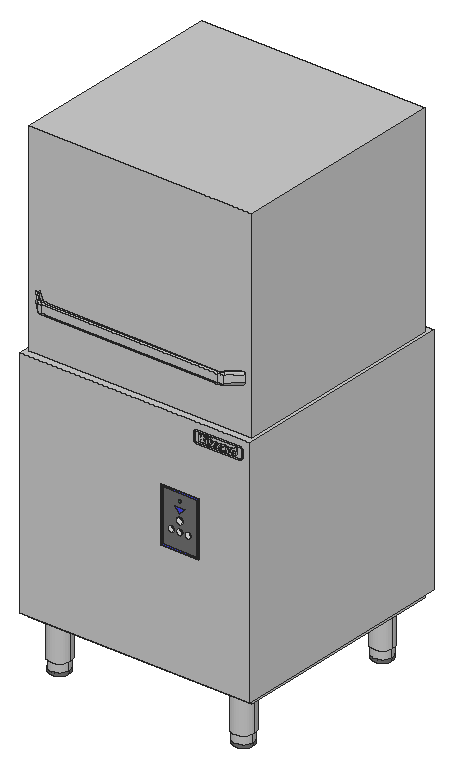
Revit family "QF_BLIZZARD_STORM100BTDP", category Specialty Equipment, Revit 2016
Family settings
  Part Type = Normal
  Round Connector Dimension = Use Diameter
  OmniClass Number = 23.40.40.14.31
  OmniClass Title = Cleaning and Disposal Equipment
  Work Plane-Based = No
  Always vertical = Yes
  Cut with Voids When Loaded = No
  Shared = No
  Room Calculation Point = No
Parameters (values of type "STORM100BTDP")
  URL = "www.blizzardequipment.com"
  Show Logo [instance] = yes
  Show Clearance [instance] = yes
  Model = "STORM100BTDP"
  Manufacturer = "BLIZZARD"
  Legs height [instance] = 150 mm
  Description = "STORM GLASSWASHER 350X350MM WITH DRAIN PUMP"
  Assembly Code = "E1090320"
Reference planes
  plane 1 "Back": y = 0
  plane 2: z = 0
  plane 3 "Left": x = 0
  plane 4 "Right": x = 675
  plane 5 "Front": y = -675
  plane 6 "Top": z = 1440
Forms (mm)
  Extrusion 1, solid, visible <- "Show Clearance", detail levels coarse
    sketch origin (-2.5, 0, 50) x (0, 1, 0) y (0, 0, 1)
      loop
        line (-20, 1875) -> (-654.392, 1875) -> (-654.392, 1390) -> (-20, 1390) -> (-20, 1875)
    from 12.5 to 667.5
  Extrusion 2, solid
    sketch origin (-2.5, -161.8, 50) x (0, 1, 0) y (0, 0, 1)
      loop
        line (141.8, 1390) -> (-492.592, 1390) -> (-492.592, 800) -> (141.8, 800) -> (141.8, 1390)
    from 12.5 to 667.5
  Extrusion 3, solid
    sketch origin (0, -161.8, -683.654) x (0, 1, 0) y (0, 0, 1)
      loop
        line (161.8, 1533.654) -> (-513.2, 1533.654) -> (-513.2, 849.697) -> (161.8, 849.697) -> (161.8, 1533.654)
    from 0 to 675
  Extrusion 4, solid
    sketch origin (60, -674.5, -195) x (-1, 0, 0) y (0, 0, 1)
      loop
        line (-465, 845) -> (-465, 685) -> (-355, 685) -> (-355, 845) -> (-465, 845)
    from -1 to 1
  Sweep 5, solid
    path origin (-135.773, 143.928, 1000) x (1, 0, 0) y (0, 1, 0)
      loop
        line (165.773, -798.319) -> (199.877, -832.423)
        arc (199.877, -832.423) -> (206.365, -836.759) -> (214.019, -838.281) r 20
        line (214.019, -838.281) -> (732.527, -838.281)
        arc (732.527, -838.281) -> (740.18, -836.759) -> (746.669, -832.423) r 20
        line (746.669, -832.423) -> (780.773, -798.319)
    profile origin (337.5, -694.353, 1000) x (0, 1, 0) y (0, 0, 1)
      loop
        arc (0, -12) -> (0.879, -14.121) -> (3, -15) r 3
        line (3, -15) -> (7, -15)
        arc (7, -15) -> (9.121, -14.121) -> (10, -12) r 3
        line (10, -12) -> (10, 12)
        arc (10, 12) -> (9.121, 14.121) -> (7, 15) r 3
        line (7, 15) -> (3, 15)
        arc (3, 15) -> (0.879, 14.121) -> (0, 12) r 3
        line (0, 12) -> (0, -12)
  Extrusion 6, solid
    sketch origin (10, -161.8, -1290) x (0, 1, 0) y (0, 0, 1)
      loop
        line (141.8, 1456.044) -> (-492.592, 1456.044) -> (-492.592, 1440) -> (141.8, 1440) -> (141.8, 1456.044)
    from 0 to 655
  Extrusion 7, solid
    sketch origin (345.649, -677, -277.652) x (-1, 0, 0) y (0, 0, 1)
      loop
        circle (-124.351, 820.155) r 7.503
    from 1 to 3
  Extrusion 8, solid
    sketch origin (345.649, -677, -247.646) x (-1, 0, 0) y (0, 0, 1)
      loop
        circle (-124.351, 820.155) r 9
    from 1 to 3
  Extrusion 9, solid
    sketch origin (345.649, -677, -201.382) x (-1, 0, 0) y (0, 0, 1)
      loop
        circle (-124.351, 826.392) r 3.5
    from 1 to 3
  Extrusion 10, solid, visible <- "Show Logo"
    sketch origin (313.265, -674.5, 17.144) x (-1, 0, 0) y (0, 0, 1)
      loop
        line (-207.755, 812.856) -> (-331.271, 812.856)
        arc (-331.271, 812.856) -> (-338.67, 809.791) -> (-341.735, 802.392) r 10.464
        line (-341.735, 802.392) -> (-341.735, 787.392)
        arc (-341.735, 787.392) -> (-338.67, 779.993) -> (-331.271, 776.928) r 10.464
        line (-331.271, 776.928) -> (-207.755, 776.928)
        arc (-207.755, 776.928) -> (-200.356, 779.993) -> (-197.291, 787.392) r 10.464
        line (-197.291, 787.392) -> (-197.291, 802.392)
        arc (-197.291, 802.392) -> (-200.356, 809.791) -> (-207.755, 812.856) r 10.464
      loop
        line (-207.755, 810.856) -> (-331.271, 810.856)
        arc (-331.271, 810.856) -> (-337.256, 808.377) -> (-339.735, 802.392) r 8.464
        line (-339.735, 802.392) -> (-339.735, 787.392)
        arc (-339.735, 787.392) -> (-337.256, 781.407) -> (-331.271, 778.928) r 8.464
        line (-331.271, 778.928) -> (-207.755, 778.928)
        arc (-207.755, 778.928) -> (-201.77, 781.407) -> (-199.291, 787.392) r 8.464
        line (-199.291, 787.392) -> (-199.291, 802.392)
        arc (-199.291, 802.392) -> (-201.77, 808.377) -> (-207.755, 810.856) r 8.464
    from -1 to 1
  Extrusion 11, solid, visible <- "Show Logo"
    sketch origin (494.162, -54, 573.082) x (1, 0, 0) y (0, 0, 1)
      loop
        line (30.587, 228.481) -> (44.749, 228.857)
        arc (44.749, 228.857) -> (49.768, 233.478) -> (47.063, 239.741) r 5.894
        arc (47.063, 239.741) -> (48.729, 246.617) -> (42.285, 249.538) r 5.547
        line (42.285, 249.538) -> (33.172, 249.538) -> (30.587, 228.481)
      loop
        line (36.658, 232.978) -> (42.704, 232.978)
        arc (42.704, 232.978) -> (44.625, 234.898) -> (42.704, 236.819) r 1.921
        line (42.704, 236.819) -> (37.13, 236.819) -> (36.658, 232.978)
      loop
        line (37.256, 241.423) -> (42.802, 241.423)
        arc (42.802, 241.423) -> (44.723, 243.344) -> (42.802, 245.264) r 1.921
        line (42.802, 245.264) -> (37.728, 245.264) -> (37.256, 241.423)
      loop
        line (52.105, 228.421) -> (57.105, 228.421) -> (59.698, 249.538) -> (54.698, 249.538) -> (52.105, 228.421)
      loop
        line (60, 228.421) -> (65, 228.421) -> (66.892, 243.832) -> (61.892, 243.832) -> (60, 228.421)
      loop
        line (61.983, 244.575) -> (67.494, 244.575) -> (68.103, 249.538) -> (62.593, 249.538) -> (61.983, 244.575)
      loop
        line (68.784, 239.859) -> (74.946, 239.859) -> (67.947, 231.215) -> (67.947, 228.421) -> (81.379, 228.421) -> (81.379, 232.273) -> (75.019, 232.273) -> (82.004, 240.899) -> (82.004, 243.832) -> (69.272, 243.832) -> (68.784, 239.859)
      loop
        line (83.284, 239.859) -> (89.446, 239.859) -> (82.447, 231.215) -> (82.447, 228.421) -> (95.879, 228.421) -> (95.879, 232.273) -> (89.519, 232.273) -> (96.504, 240.899) -> (96.504, 243.832) -> (83.772, 243.832) -> (83.284, 239.859)
      loop
        arc (103.395, 238.896) -> (105.439, 241.195) -> (106.867, 238.469) r 1.87
        line (106.867, 238.469) -> (101.835, 237.44)
        arc (101.835, 237.44) -> (98.76, 230.604) -> (106.218, 229.849) r 4.62
        line (106.218, 229.849) -> (107.645, 228.421) -> (112.645, 228.421) -> (111.375, 230.622) -> (112.465, 239.505)
        arc (112.465, 239.505) -> (105.449, 244.583) -> (98.432, 239.505) r 7.387
        line (98.432, 239.505) -> (103.395, 238.896)
      loop
        line (114.231, 228.421) -> (119.218, 228.421) -> (120.249, 236.819)
        arc (120.249, 236.819) -> (122.276, 239.388) -> (125.515, 239.859) r 4.419
        line (125.515, 239.859) -> (126.961, 243.832) -> (123.41, 243.832) -> (121.123, 242.512) -> (121.123, 243.832) -> (116.123, 243.832) -> (114.231, 228.421)
      loop
        arc (137.816, 242.746) -> (125.76, 237.684) -> (136.057, 229.626) r 7.581
        line (136.057, 229.626) -> (136.057, 228.421) -> (141.057, 228.421) -> (143.65, 249.538) -> (138.65, 249.538) -> (137.816, 242.746)
      loop
        spline (133.323, 232.229) -> (134.09, 232.277) -> (134.838, 232.6) -> (135.517, 233.178) -> (136.081, 233.97) -> (136.492, 234.924) -> (136.72, 235.972) -> (136.752, 237.045) -> (136.584, 238.069) -> (136.229, 238.975) -> (135.709, 239.7) -> (135.062, 240.195) -> (134.33, 240.426)
        spline (134.33, 240.426) -> (133.564, 240.379) -> (132.816, 240.055) -> (132.136, 239.477) -> (131.572, 238.685) -> (131.162, 237.732) -> (130.933, 236.683) -> (130.901, 235.61) -> (131.069, 234.586) -> (131.425, 233.681) -> (131.944, 232.956) -> (132.592, 232.46) -> (133.323, 232.229)
    from 620 to 622
  Extrusion 12, solid
    sketch origin (370.649, -677, -277.652) x (-1, 0, 0) y (0, 0, 1)
      loop
        circle (-124.351, 820.155) r 7.503
    from 1 to 3
  Extrusion 13, solid
    sketch origin (569.351, -677, -277.652) x (1, 0, 0) y (0, 0, -1)
      loop
        circle (-124.351, -820.155) r 7.503
    from 1 to 3
  Extrusion 14, solid
    sketch origin (345.649, -677, -219.646) x (-1, 0, 0) y (0, 0, 1)
      loop
        line (-124.351, 811.155) -> (-109.351, 826.155) -> (-139.351, 826.155) -> (-124.351, 811.155)
    from 1 to 3
  Extrusion 15, solid
    sketch origin (339.88, -675, -201.433) x (-1, 0, 0) y (0, 0, 1)
      loop
        line (-181.12, 847.433) -> (-181.12, 695.433) -> (-79.12, 695.433) -> (-79.12, 847.433) -> (-181.12, 847.433)
      loop
        line (-183.12, 849.433) -> (-183.12, 693.433) -> (-77.12, 693.433) -> (-77.12, 849.433) -> (-183.12, 849.433)
    from -1 to 1
Lines and regions (mm)
  symbolic lines, style "200-EquipBorder-2D"
    curve 1: line (0, 0, 0) -> (0, -675, 0)
    curve 2: line (624.392, -675, 0) -> (675, -675, 0)
    curve 3: line (675, -675, 0) -> (675, 0, 0)
    curve 4: line (675, 0, 0) -> (0, 0, 0)
    curve 11: line (78.284, -694.392, 0) -> (596.716, -694.392, 0)
    curve 12: line (78.284, -684.392, 0) -> (596.716, -684.392, 0)
    curve 13: line (30, -654.392, 0) -> (64.142, -688.534, 0)
    curve 14: line (645, -654.392, 0) -> (610.858, -688.534, 0)
    curve 15: line (630.858, -654.392, 0) -> (603.787, -681.463, 0)
    curve 16: line (44.142, -654.392, 0) -> (71.213, -681.463, 0)
    curve 17: arc (610.858, -688.534, 0) -> (604.369, -692.869, 0) -> (596.716, -694.392, 0) r 20
    curve 18: arc (596.716, -684.392, 0) -> (600.543, -683.63, 0) -> (603.787, -681.463, 0) r 10
    curve 19: arc (64.142, -688.534, 0) -> (70.631, -692.869, 0) -> (78.284, -694.392, 0) r 20
    curve 20: arc (78.284, -684.392, 0) -> (74.457, -683.63, 0) -> (71.213, -681.463, 0) r 10
    curve 21: line (610.285, -674.964, 0) -> (64.715, -674.964, 0)
    curve 22: line (0, -675, 0) -> (50.608, -675, 0)
  symbolic lines, style "200-InsPoint-3D"
    curve 5: circle (0, 0, 0) r 0.2 normal (0, 0, 1)
    curve 6: circle (650, 0, 0) r 0.2 normal (0, 0, 1)
  symbolic lines, style "200-EquipInternal-2D"
    curve 7: line (10, -20, 0) -> (10, -654.392, 0)
    curve 8: line (665, -20, 0) -> (10, -20, 0)
    curve 9: line (665, -654.392, 0) -> (665, -20, 0)
    curve 10: line (10, -654.392, 0) -> (665, -654.392, 0)
Dimensions and locks
  plane 3 "Left" to plane 4 "Right" = 675 mm
  plane 5 "Front" to plane 1 "Back" = 675 mm
  plane 1 "Back" to plane 5 "Front" = 675 mm
  plane 4 "Right" to plane 3 "Left" = 675 mm
  plane 6 "Top" to level = 1440 mm  (x2)
  aligned and locked: level to plane 2
  aligned and locked: Extrusion 3 to plane 4 "Right"
  aligned and locked: plane 3 "Left" to nested 1
Nested families
  nested 1: "HOOD-TYPE DISHWASHER LEGS" at (0, 76.667, 0), type "LEGS"
    with Rear offset 165 mm, Length Actual 650 mm, Height Actual 150 mm, Front offset 60 mm, Depth Actual 735 mm
Definition of nested family "HOOD-TYPE DISHWASHER LEGS"
  Parameters (values of type "LEGS")
    URL = ""
    Right offset = 55 mm
    Rear offset = 115 mm
    Model = ""
    Manufacturer = ""
    Length Actual = 590 mm
    Left offset = 55 mm
    Height Actual = 130 mm
    Front offset = 65 mm
    Description = ""
    Depth Actual = 600 mm
    Assembly Code = "E1090320"
  Reference planes
    plane 1 "Back": y = 0
    plane 2: z = 0
    plane 3 "Left": x = 0
    plane 4 "Right": x = 590
    plane 5 "Front": y = -600
    plane 6 "Top": z = 130
    plane 7 "Left offset": x = 55
    plane 8 "Right offset": x = 535
    plane 9 "Rear offset": y = -115
    plane 10 "Front offset": y = -535
    plane 11 "Central": x = 295
  Dimensions and locks
    "Length Actual": plane 3 "Left" to plane 4 "Right"
    "Depth Actual": plane 5 "Front" to plane 1 "Back"
    "Left offset": plane 3 "Left" to plane 7 "Left offset"
    "Right offset": plane 8 "Right offset" to plane 4 "Right"
    "Rear offset": plane 9 "Rear offset" to plane 1 "Back"
    "Front offset": plane 10 "Front offset" to plane 5 "Front"
    "Height Actual": plane 6 "Top" to plane 2
    equal spacing: plane 3 "Left", plane 11 "Central", plane 4 "Right"
    aligned and locked: level to plane 2
    aligned and locked: nested 1 to plane 9 "Rear offset"
    aligned and locked: nested 2 to plane 9 "Rear offset"
    aligned and locked: nested 1 to plane 7 "Left offset"
    aligned and locked: nested 2 to plane 8 "Right offset"
    aligned and locked: nested 3 to plane 10 "Front offset"
    aligned and locked: nested 4 to plane 10 "Front offset"
    aligned and locked: nested 3 to plane 7 "Left offset"
    aligned and locked: nested 4 to plane 8 "Right offset"
  Nested families
    nested 1: "LEGS" at (55, -115, 0), type "LEG"
      with Height 130 mm
    nested 2: "LEGS" at (535, -115, 0), type "LEG"
      with Height 130 mm
    nested 3: "LEGS" at (55, -535, 0), type "LEG"
      with Height 130 mm
    nested 4: "LEGS" at (535, -535, 0), type "LEG"
      with Height 130 mm
  Definition of nested family "LEGS"
    Parameters
      Height = 140 mm
    Reference planes
      plane 1 "Center (Front/Back)": y = 0
      plane 2: z = 0
      plane 3 "Center (Left/Right)": x = 0
      plane 4 "Top": z = 140
    Forms (mm)
      Extrusion 1, solid
        sketch origin (0, 0, 140) x (0, 1, 0) y (-1, 0, 0)
          loop
            line (40, 40) -> (-40, 40) -> (-40, -40) -> (40, -40) -> (40, 40)
        from 0 to -3
      Extrusion 2, solid
        sketch origin (-199.986, 580, 0) x (1, 0, 0) y (0, 1, 0)
          loop
            circle (199.986, -580) r 28
        from 9 to 35
      Extrusion 3, solid
        sketch origin (-199.986, 580, 0) x (1, 0, 0) y (0, 1, 0)
          loop
            circle (199.986, -580) r 28.5
        from 0 to 9
      Sweep 4, solid
        path origin (0, 0, 0) x (0, 1, 0) y (0, 0, 1)
          loop
            line (0, 137) -> (0, 35)
        profile origin (0, 0, 86) x (1, 0, 0) y (0, 1, 0)
          loop
            circle (0, 0) r 32
    Dimensions and locks
      "Height": plane 4 "Top" to plane 2
      aligned and locked: level to plane 2
    Automatic sketch dimensions
      plane 1 "Center (Front/Back)" to Extrusion 1 sketch curve = 40 mm
      Extrusion 1 sketch curve to plane 1 "Center (Front/Back)" = 40 mm
      plane 3 "Center (Left/Right)" to Extrusion 1 sketch curve = 40 mm
      Extrusion 1 sketch curve to plane 3 "Center (Left/Right)" = 40 mm
      plane 1 "Center (Front/Back)" to Extrusion 2 sketch curve = 0 mm
      Extrusion 2 sketch curve to plane 3 "Center (Left/Right)" = 0 mm
      plane 1 "Center (Front/Back)" to Extrusion 3 sketch curve = 0 mm
      Extrusion 3 sketch curve to plane 3 "Center (Left/Right)" = 0 mm
      Sweep 4 sketch curve to plane 1 "Center (Front/Back)" = 0 mm
      level to Sweep 4 sketch curve = 35 mm
      Sweep 4 sketch curve to plane 4 "Top" = 3 mm
      Sweep 4 sketch curve to plane 3 "Center (Left/Right)" = 0 mm
      profile plane to Sweep 4 sketch curve = 0 mm
      radius of Extrusion 2 sketch curve = 28 mm
      radius of Extrusion 3 sketch curve = 28.5 mm
      radius of Sweep 4 sketch curve = 32 mm
